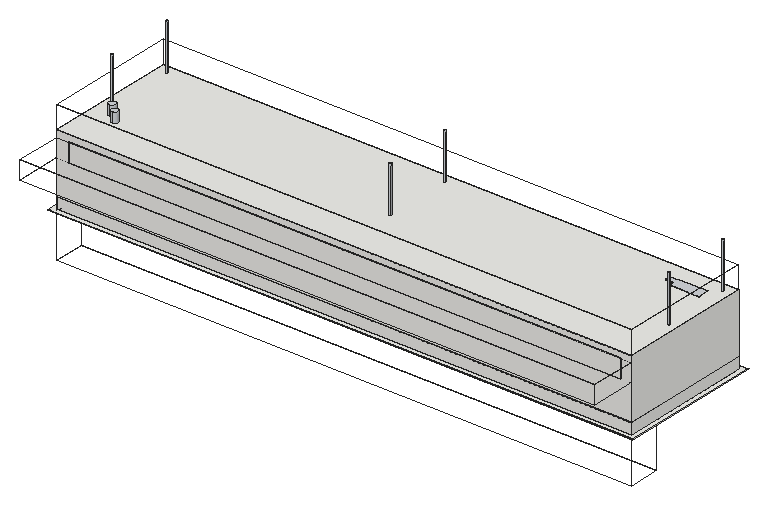
Revit family "AIRTECNICS_AIR CURTAIN_RECESSED DAM_DX-VRF_(LG)", category Equipos mecánicos, Revit 2016 (continued)
Types (21, lengths in mm): name | Weight | Product Size | Product Reference | Product Heating | Product Description | Power Fans | Noise Level (dB(A)) | Mainfolds | M | Length | Heating Capacity | Gas Coil Volume | G | External Ut. Reference | Expansion Valve | Dn_Metric_Refrig_Liquid | Dn_Metric_Refrig_Gas | DX VRF | DX Coil Rows = 4 | DX Coil Rows = 3 | DX Coil Rows | DX 1:1 | Current Fans | L | CT | CR | CM | CH | Apparent Load | Airflow
  RDAM ECG 1500 VRF15-LG | 80.00 kg | "1500" | "RDAM ECG 1500 VRF15-LG" | "Direct Expansion VRF system" | "Compact and low profile recessed air curtain with full grille view and energy savings heat pump: Up to 70% reduction in costs and CO2 emissions (heating mode).\r\nSelf-supporting casing construction made of galvanized steel plate, ready to be installed recessed in a false ceiling. \r\nInlet grille (free of maintenance) made with aluminium profiles and blow-out nozzle, integrated in a single white frame colour RAL 9016. Other colours are available on request. \r\nDouble-inlet centrifugal fans driven by an external rotor motor and low noise level. 5-speed selector. EC models assembled with very low consumption efficiency fans. \r\nIncludes only heating direct expansion coil with installed temperature sensors. Under request it can be modified to work in cooling and heating mode (not recomended) with optional condensate water pump.\r\nPlug&Play control panel CS-5DX-NE slave DX with 5 speeds selector and 7m telephone cable included.\r\nReady to connect to LG VRF outdoor heat pump unit (R410A) and PRLK048A0 expansion valve not included, the customer should purchase it.\r\nRequires PAHCMRA000 LG VRF Interface KIT adapted for air curtain and PREMTB001 programmable control, please consult.\r\nAir Volume: 2920 m3/h \r\nFans:  0,284 kW  2,48 A 230Vx1 50/60Hz\r\nHeating capacity: 15,32 kW\r\nDimensions: 627x310x1548 mm (depth, height, length)\r\nNOT SUPPLIED BY AIRTÈCNICS:\r\nPAHCMRA000 Interface VRF kit and PREMTB001 programmable control.\r\nExpansion valve PRLK048A0.\r\nExternal unit VRF." | 0.284 kW | 62 | "5/8 & 3/8" | no | 1548.0 | 15.32 kW | 3.00 L | yes | "Not available" | "PRLK048A0" | 10 | 16 | yes | yes | no | 4 | no | 2.48 A | 1500.0 | 4 | 2 | 12 | 4 | 568 VA | 2920 m³/h
  RDAM ECG 1500 DX15-LG | 80.00 kg | "1500" | "RDAM ECG 1500 DX15-LG" | "Direct Expansion 1:1 system" | "Compact and low profile recessed air curtain with full grille view and energy savings heat pump: Up to 70% reduction in costs and CO2 emissions (heating mode).\r\nSelf-supporting casing construction made of galvanized steel plate, ready to be installed recessed in a false ceiling. \r\nInlet grille (free of maintenance) made with aluminium profiles and blow-out nozzle, integrated in a single white frame colour RAL 9016. Other colours are available on request. \r\nDouble-inlet centrifugal fans driven by an external rotor motor and low noise level. 5-speed selector. EC models assembled with very low consumption efficiency fans. \r\nIncludes only heating direct expansion coil with installed temperature sensors. Under request it can be modified to work in cooling and heating mode (not recomended) with optional condensate water pump.\r\nPlug&Play control panel CS-5DX-NE slave DX with 5 speeds selector and 7m telephone cable included.\r\nReady to connect to LG Inverter outdoor heat pump unit (R410A) with expansion valve, not included, the customer should purchase it.\r\nRequires PAHCMRA000 LG DX Interface KIT adapted for air curtain and PREMTB001 programmable control, please consult.\r\nAir Volume: 2920 m3/h \r\nFans:  0,284 kW  2,48 A 230Vx1 50/60Hz\r\nHeating capacity: 15,32 kW\r\nDimensions: 627x310x1548 mm (depth, height, length)\r\nNOT SUPPLIED BY AIRTÈCNICS:\r\nPAHCMRA000 Interface DX kit and PREMTB001 programmable control.\r\nExternal unit:\r\nOption 1: UU48W U32\r\nExternal unit with direct expansion valve LG, single phase motor 230Vx1 50Hz.\r\nHeating capacity 15,4kW. Heating power: 4,39kW. COP 3,5.\r\nCooling capacity 14kW. Cooling power 4,1kW. EER 3,41.\r\nCooling circuits 5/8\" - 3/8\".\r\nMinimum length 5m.\r\nMaximum length 75m.\r\nMaximum slope 30m.\r\nOption 2: UU49W U32\r\nExternal unit with direct expansion valve LG, triple phase motor 400Vx3 50Hz.\r\nHeating capacity 15,4kW. Heating power: 4,39kW. COP 3,5.\r\nCooling capacity 14kW. Cooling power 4,1kW. EER 3,41.\r\nCooling circuits 5/8\" - 3/8\".\r\nMinimum length 5m.\r\nMaximum length 75m.\r\nMaximum slope 30m." | 0.284 kW | 62 | "5/8 & 3/8" | no | 1548.0 | 15.32 kW | 3.00 L | yes | "UU49W U32" | "Included on External Unit" | 10 | 16 | no | yes | no | 4 | yes | 2.48 A | 1500.0 | 4 | 2 | 12 | 2 | 568 VA | 2920 m³/h
  RDAM ECG 1000 VRF10-LG | 55.00 kg | "1000" | "RDAM ECG 1000 VRF10-LG" | "Direct Expansion VRF system" | "Compact and low profile recessed air curtain with full grille view and energy savings heat pump: Up to 70% reduction in costs and CO2 emissions (heating mode).\r\nSelf-supporting casing construction made of galvanized steel plate, ready to be installed recessed in a false ceiling. \r\nInlet grille (free of maintenance) made with aluminium profiles and blow-out nozzle, integrated in a single white frame colour RAL 9016. Other colours are available on request. \r\nDouble-inlet centrifugal fans driven by an external rotor motor and low noise level. 5-speed selector. EC models assembled with very low consumption efficiency fans. \r\nIncludes only heating direct expansion coil with installed temperature sensors. Under request it can be modified to work in cooling and heating mode (not recomended) with optional condensate water pump.\r\nPlug&Play control panel CS-5DX-NE slave DX with 5 speeds selector and 7m telephone cable included.\r\nReady to connect to LG VRF outdoor heat pump unit (R410A) and PRLK048A0 expansion valve not included, the customer should purchase it.\r\nRequires PAHCMRA000 LG VRF Interface KIT adapted for air curtain and PREMTB001 programmable control, please consult.\r\nAir Volume: 2190 m3/h \r\nFans:  0,213 kW  1,86 A 230Vx1 50/60Hz\r\nHeating capacity: 9,70 kW\r\nDimensions: 627x310x1048 mm (depth, height, length)\r\nNOT SUPPLIED BY AIRTÈCNICS:\r\nPAHCMRA000 Interface VRF kit and PREMTB001 programmable control.\r\nExpansion valve PRLK048A0.\r\nExternal unit VRF." | 0.213 kW | 61 | "5/8 & 3/8" | no | 1048.0 | 9.7 kW | 1.80 L | yes | "Not available" | "PRLK048A0" | 10 | 16 | yes | yes | no | 4 | no | 1.86 A | 1000.0 | 2 | 2 | 12 | 4 | 426 VA | 2190 m³/h
  RDAM ECG 1000 DX9-LG | 55.00 kg | "1000" | "RDAM ECG 1000 DX9-LG" | "Direct Expansion 1:1 system" | "Compact and low profile recessed air curtain with full grille view and energy savings heat pump: Up to 70% reduction in costs and CO2 emissions (heating mode).\r\nSelf-supporting casing construction made of galvanized steel plate, ready to be installed recessed in a false ceiling. \r\nInlet grille (free of maintenance) made with aluminium profiles and blow-out nozzle, integrated in a single white frame colour RAL 9016. Other colours are available on request. \r\nDouble-inlet centrifugal fans driven by an external rotor motor and low noise level. 5-speed selector. EC models assembled with very low consumption efficiency fans. \r\nIncludes only heating direct expansion coil with installed temperature sensors. Under request it can be modified to work in cooling and heating mode (not recomended) with optional condensate water pump.\r\nPlug&Play control panel CS-5DX-NE slave DX with 5 speeds selector and 7m telephone cable included.\r\nReady to connect to LG Inverter outdoor heat pump unit (R410A) with expansion valve, not included, the customer should purchase it.\r\nRequires PAHCMRA000 LG DX Interface KIT adapted for air curtain and PREMTB001 programmable control, please consult.\r\nAir Volume: 2190 m3/h \r\nFans:  0,213 kW  1,86 A 230Vx1 50/60Hz\r\nHeating capacity: 9,00 kW\r\nDimensions: 627x310x1048 mm (depth, height, length)\r\nNOT SUPPLIED BY AIRTÈCNICS:\r\nPAHCMRA000 Interface DX kit and PREMTB001 programmable control.\r\nExternal unit:\r\n UU30W U44\r\nExternal unit with direct expansion valve LG, single phase motor 230Vx1 50Hz.\r\nHeating capacity 9kW. Heating power: 2,62kW. SCOP 4.\r\nCooling capacity 7,8kW. Cooling power 2,41kW. SEER 6,1.\r\nCooling circuits 5/8\" - 3/8\".\r\nMinimum length 5m.\r\nMaximum length 50m.\r\nMaximum slope 30m." | 0.213 kW | 61 | "5/8 & 3/8" | no | 1048.0 | 9 kW | 1.80 L | yes | "Only Single Phase" | "Included on External Unit" | 10 | 16 | no | yes | no | 4 | yes | 1.86 A | 1000.0 | 2 | 2 | 12 | 2 | 426 VA | 2190 m³/h
  RDAM ECM 2500 VRF24-LG | 106.00 kg | "2500" | "RDAM ECM 2500 VRF24-LG" | "Direct Expansion VRF system" | "Compact and low profile recessed air curtain with full grille view and energy savings heat pump: Up to 70% reduction in costs and CO2 emissions (heating mode).\r\nSelf-supporting casing construction made of galvanized steel plate, ready to be installed recessed in a false ceiling. \r\nInlet grille (free of maintenance) made with aluminium profiles and blow-out nozzle, integrated in a single white frame colour RAL 9016. Other colours are available on request. \r\nDouble-inlet centrifugal fans driven by an external rotor motor and low noise level. 5-speed selector. EC models assembled with very low consumption efficiency fans. \r\nIncludes only heating direct expansion coil with installed temperature sensors. Under request it can be modified to work in cooling and heating mode (not recomended) with optional condensate water pump.\r\nPlug&Play control panel CS-5DX-NE slave DX with 5 speeds selector and 7m telephone cable included.\r\nReady to connect to LG VRF outdoor heat pump unit (R410A) and PRLK048A0 expansion valve not included, the customer should purchase it.\r\nRequires PAHCMRA000 LG VRF Interface KIT adapted for air curtain and PREMTB001 programmable control, please consult.\r\nAir Volume: 4100 m3/h \r\nFans:  0,355 kW  3,1 A 230Vx1 50/60Hz\r\nHeating capacity: 24,38 kW\r\nDimensions: 627x310x2548 mm (depth, height, length)\r\nNOT SUPPLIED BY AIRTÈCNICS:\r\nPAHCMRA000 Interface VRF kit and PREMTB001 programmable control.\r\nExpansion valve PRLK048A0.\r\nExternal unit VRF." | 0.355 kW | 59 | "7/8 & 1/2" | yes | 2548.0 | 24.38 kW | 5.30 L | no | "Not available" | "PRLK048A0" | 15 | 20 | yes | yes | no | 4 | no | 3.1 A | 2500.0 | 16 | 2 | 6 | 4 | 710 VA | 4100 m³/h
  RDAM ECM 2500 VRF21-LG | 106.00 kg | "2500" | "RDAM ECM 2500 VRF21-LG" | "Direct Expansion VRF system" | "Compact and low profile recessed air curtain with full grille view and energy savings heat pump: Up to 70% reduction in costs and CO2 emissions (heating mode).\r\nSelf-supporting casing construction made of galvanized steel plate, ready to be installed recessed in a false ceiling. \r\nInlet grille (free of maintenance) made with aluminium profiles and blow-out nozzle, integrated in a single white frame colour RAL 9016. Other colours are available on request. \r\nDouble-inlet centrifugal fans driven by an external rotor motor and low noise level. 5-speed selector. EC models assembled with very low consumption efficiency fans. \r\nIncludes only heating direct expansion coil with installed temperature sensors. Under request it can be modified to work in cooling and heating mode (not recomended) with optional condensate water pump.\r\nPlug&Play control panel CS-5DX-NE slave DX with 5 speeds selector and 7m telephone cable included.\r\nReady to connect to LG VRF outdoor heat pump unit (R410A) and PRLK048A0 expansion valve not included, the customer should purchase it.\r\nRequires PAHCMRA000 LG VRF Interface KIT adapted for air curtain and PREMTB001 programmable control, please consult.\r\nAir Volume: 4100 m3/h \r\nFans:  0,355 kW  3,1 A 230Vx1 50/60Hz\r\nHeating capacity: 21,20 kW\r\nDimensions: 627x310x2548 mm (depth, height, length)\r\nNOT SUPPLIED BY AIRTÈCNICS:\r\nPAHCMRA000 Interface VRF kit and PREMTB001 programmable control.\r\nExpansion valve PRLK048A0.\r\nExternal unit VRF." | 0.355 kW | 59 | "1\" & 3/8" | yes | 2548.0 | 21.2 kW | 3.90 L | no | "Not available" | "PRLK048A0" | 10 | 25 | yes | no | yes | 3 | no | 3.1 A | 2500.0 | 16 | 4 | 6 | 4 | 710 VA | 4100 m³/h
  RDAM ECM 2500 DX22-LG | 106.00 kg | "2500" | "RDAM ECM 2500 DX22-LG" | "Direct Expansion 1:1 system" | "Compact and low profile recessed air curtain with full grille view and energy savings heat pump: Up to 70% reduction in costs and CO2 emissions (heating mode).\r\nSelf-supporting casing construction made of galvanized steel plate, ready to be installed recessed in a false ceiling. \r\nInlet grille (free of maintenance) made with aluminium profiles and blow-out nozzle, integrated in a single white frame colour RAL 9016. Other colours are available on request. \r\nDouble-inlet centrifugal fans driven by an external rotor motor and low noise level. 5-speed selector. EC models assembled with very low consumption efficiency fans. \r\nIncludes only heating direct expansion coil with installed temperature sensors. Under request it can be modified to work in cooling and heating mode (not recomended) with optional condensate water pump.\r\nPlug&Play control panel CS-5DX-NE slave DX with 5 speeds selector and 7m telephone cable included.\r\nReady to connect to LG Inverter outdoor heat pump unit (R410A) with expansion valve, not included, the customer should purchase it.\r\nRequires PAHCMRA000 LG DX Interface KIT adapted for air curtain and PREMTB001 programmable control, please consult.\r\nAir Volume: 4100 m3/h \r\nFans:  0,355 kW  3,1 A 230Vx1 50/60Hz\r\nHeating capacity: 22,40 kW\r\nDimensions: 627x310x2548 mm (depth, height, length)\r\nNOT SUPPLIED BY AIRTÈCNICS:\r\nPAHCMRA000 Interface DX kit and PREMTB001 programmable control.\r\nExternal unit:\r\n UU70W U34External unit with direct expansion valve LG, triple phase motor 400Vx3 50Hz.\r\nHeating capacity 22,4kW. Heating power: 6,4kW. COP 3,5.\r\nCooling capacity 19kW. Cooling power 6,69kW. EER 2,84.\r\nCooling circuits 1\" - 3/8\".\r\nMinimum length 5m.\r\nMaximum length 75m.\r\nMaximum slope 30m." | 0.355 kW | 59 | "1\" & 3/8" | yes | 2548.0 | 22.4 kW | 5.30 L | no | "UU70W U34" | "Included on External Unit" | 10 | 25 | no | yes | no | 4 | yes | 3.1 A | 2500.0 | 16 | 2 | 6 | 2 | 710 VA | 4100 m³/h
  RDAM ECM 2000 VRF19-LG | 95.00 kg | "2000" | "RDAM ECM 2000 VRF19-LG" | "Direct Expansion VRF system" | "Compact and low profile recessed air curtain with full grille view and energy savings heat pump: Up to 70% reduction in costs and CO2 emissions (heating mode).\r\nSelf-supporting casing construction made of galvanized steel plate, ready to be installed recessed in a false ceiling. \r\nInlet grille (free of maintenance) made with aluminium profiles and blow-out nozzle, integrated in a single white frame colour RAL 9016. Other colours are available on request. \r\nDouble-inlet centrifugal fans driven by an external rotor motor and low noise level. 5-speed selector. EC models assembled with very low consumption efficiency fans. \r\nIncludes only heating direct expansion coil with installed temperature sensors. Under request it can be modified to work in cooling and heating mode (not recomended) with optional condensate water pump.\r\nPlug&Play control panel CS-5DX-NE slave DX with 5 speeds selector and 7m telephone cable included.\r\nReady to connect to LG VRF outdoor heat pump unit (R410A) and PRLK048A0 expansion valve not included, the customer should purchase it.\r\nRequires PAHCMRA000 LG VRF Interface KIT adapted for air curtain and PREMTB001 programmable control, please consult.\r\nAir Volume: 3280 m3/h \r\nFans:  0,284 kW  2,48 A 230Vx1 50/60Hz\r\nHeating capacity: 18,86 kW\r\nDimensions: 627x310x2048 mm (depth, height, length)\r\nNOT SUPPLIED BY AIRTÈCNICS:\r\nPAHCMRA000 Interface VRF kit and PREMTB001 programmable control.\r\nExpansion valve PRLK048A0.\r\nExternal unit VRF." | 0.284 kW | 58 | "1\" & 3/8" | yes | 2048.0 | 18.86 kW | 4.10 L | no | "Not available" | "PRLK048A0" | 10 | 25 | yes | yes | no | 4 | no | 2.48 A | 2000.0 | 8 | 2 | 6 | 4 | 568 VA | 3280 m³/h
  RDAM ECM 2000 VRF16-LG | 95.00 kg | "2000" | "RDAM ECM 2000 VRF16-LG" | "Direct Expansion VRF system" | "Compact and low profile recessed air curtain with full grille view and energy savings heat pump: Up to 70% reduction in costs and CO2 emissions (heating mode).\r\nSelf-supporting casing construction made of galvanized steel plate, ready to be installed recessed in a false ceiling. \r\nInlet grille (free of maintenance) made with aluminium profiles and blow-out nozzle, integrated in a single white frame colour RAL 9016. Other colours are available on request. \r\nDouble-inlet centrifugal fans driven by an external rotor motor and low noise level. 5-speed selector. EC models assembled with very low consumption efficiency fans. \r\nIncludes only heating direct expansion coil with installed temperature sensors. Under request it can be modified to work in cooling and heating mode (not recomended) with optional condensate water pump.\r\nPlug&Play control panel CS-5DX-NE slave DX with 5 speeds selector and 7m telephone cable included.\r\nReady to connect to LG VRF outdoor heat pump unit (R410A) and PRLK048A0 expansion valve not included, the customer should purchase it.\r\nRequires PAHCMRA000 LG VRF Interface KIT adapted for air curtain and PREMTB001 programmable control, please consult.\r\nAir Volume: 3280 m3/h \r\nFans:  0,284 kW  2,48 A 230Vx1 50/60Hz\r\nHeating capacity: 16,44 kW\r\nDimensions: 627x310x2048 mm (depth, height, length)\r\nNOT SUPPLIED BY AIRTÈCNICS:\r\nPAHCMRA000 Interface VRF kit and PREMTB001 programmable control.\r\nExpansion valve PRLK048A0.\r\nExternal unit VRF." | 0.284 kW | 58 | "5/8 & 3/8" | yes | 2048.0 | 16.44 kW | 3.10 L | no | "Not available" | "PRLK048A0" | 10 | 16 | yes | no | yes | 3 | no | 2.48 A | 2000.0 | 8 | 4 | 6 | 4 | 568 VA | 3280 m³/h
  RDAM ECM 2000 DX17-LG | 95.00 kg | "2000" | "RDAM ECM 2000 DX17-LG" | "Direct Expansion 1:1 system" | "Compact and low profile recessed air curtain with full grille view and energy savings heat pump: Up to 70% reduction in costs and CO2 emissions (heating mode).\r\nSelf-supporting casing construction made of galvanized steel plate, ready to be installed recessed in a false ceiling. \r\nInlet grille (free of maintenance) made with aluminium profiles and blow-out nozzle, integrated in a single white frame colour RAL 9016. Other colours are available on request. \r\nDouble-inlet centrifugal fans driven by an external rotor motor and low noise level. 5-speed selector. EC models assembled with very low consumption efficiency fans. \r\nIncludes only heating direct expansion coil with installed temperature sensors. Under request it can be modified to work in cooling and heating mode (not recomended) with optional condensate water pump.\r\nPlug&Play control panel CS-5DX-NE slave DX with 5 speeds selector and 7m telephone cable included.\r\nReady to connect to LG Inverter outdoor heat pump unit (R410A) with expansion valve, not included, the customer should purchase it.\r\nRequires PAHCMRA000 LG DX Interface KIT adapted for air curtain and PREMTB001 programmable control, please consult.\r\nAir Volume: 3280 m3/h \r\nFans:  0,284 kW  2,48 A 230Vx1 50/60Hz\r\nHeating capacity: 17,00 kW\r\nDimensions: 627x310x2048 mm (depth, height, length)\r\nNOT SUPPLIED BY AIRTÈCNICS:\r\nPAHCMRA000 Interface DX kit and PREMTB001 programmable control.\r\nExternal unit:\r\nOption 1: UU60W U32\r\nExternal unit with direct expansion valve LG, single phase motor 230Vx1 50Hz.\r\nHeating capacity 16,8kW. Heating power: 4,79kW. COP 3,51.\r\nCooling capacity 14,8kW. Cooling power 5,53kW. EER 3,31.\r\nCooling circuits 5/8\" - 3/8\".\r\nMinimum length 5m.\r\nMaximum length 75m.\r\nMaximum slope 30m.\r\nOption 2: UU61W U32\r\nExternal unit with direct expansion valve LG, triple phase motor 400Vx3 50Hz.\r\nHeating capacity 16,8kW. Heating power: 4,79kW. COP 3,51.\r\nCooling capacity 14,8kW. Cooling power 5,53kW. EER 3,31.\r\nCooling circuits 5/8\" - 3/8\".\r\nMinimum length 5m.\r\nMaximum length 75m.\r\nMaximum slope 30m." | 0.284 kW | 58 | "5/8 & 3/8" | yes | 2048.0 | 17 kW | 4.10 L | no | "UU61W U32" | "Included on External Unit" | 10 | 16 | no | yes | no | 4 | yes | 2.48 A | 2000.0 | 8 | 2 | 6 | 2 | 568 VA | 3280 m³/h
  RDAM ECM 2000 DX15-LG | 95.00 kg | "2000" | "RDAM ECM 2000 DX15-LG" | "Direct Expansion 1:1 system" | "Compact and low profile recessed air curtain with full grille view and energy savings heat pump: Up to 70% reduction in costs and CO2 emissions (heating mode).\r\nSelf-supporting casing construction made of galvanized steel plate, ready to be installed recessed in a false ceiling. \r\nInlet grille (free of maintenance) made with aluminium profiles and blow-out nozzle, integrated in a single white frame colour RAL 9016. Other colours are available on request. \r\nDouble-inlet centrifugal fans driven by an external rotor motor and low noise level. 5-speed selector. EC models assembled with very low consumption efficiency fans. \r\nIncludes only heating direct expansion coil with installed temperature sensors. Under request it can be modified to work in cooling and heating mode (not recomended) with optional condensate water pump.\r\nPlug&Play control panel CS-5DX-NE slave DX with 5 speeds selector and 7m telephone cable included.\r\nReady to connect to LG Inverter outdoor heat pump unit (R410A) with expansion valve, not included, the customer should purchase it.\r\nRequires PAHCMRA000 LG DX Interface KIT adapted for air curtain and PREMTB001 programmable control, please consult.\r\nAir Volume: 3280 m3/h \r\nFans:  0,284 kW  2,48 A 230Vx1 50/60Hz\r\nHeating capacity: 15,4 kW\r\nDimensions: 627x310x2048 mm (depth, height, length)\r\nNOT SUPPLIED BY AIRTÈCNICS:\r\nPAHCMRA000 Interface DX kit and PREMTB001 programmable control.\r\nExternal unit:\r\nOption 1: UU48W U32\r\nExternal unit with direct expansion valve LG, single phase motor 230Vx1 50Hz.\r\nHeating capacity 15,4kW. Heating power: 4,39kW. COP 3,5.\r\nCooling capacity 14kW. Cooling power 4,1kW. EER 3,41.\r\nCooling circuits 5/8\" - 3/8\".\r\nMinimum length 5m.\r\nMaximum length 75m.\r\nMaximum slope 30m.\r\nOption 2: UU49W U32\r\nExternal unit with direct expansion valve LG, triple phase motor 400Vx3 50Hz.\r\nHeating capacity 15,4kW. Heating power: 4,39kW. COP 3,5.\r\nCooling capacity 14kW. Cooling power 4,1kW. EER 3,41.\r\nCooling circuits 5/8\" - 3/8\".\r\nMinimum length 5m.\r\nMaximum length 75m.\r\nMaximum slope 30m." | 0.284 kW | 58 | "5/8 & 3/8" | yes | 2048.0 | 15.4 kW | 3.10 L | no | "UU49W U32" | "Included on External Unit" | 10 | 16 | no | no | yes | 3 | yes | 2.48 A | 2000.0 | 8 | 4 | 6 | 2 | 568 VA | 3280 m³/h
  RDAM ECM 1500 VRF13-LG | 74.00 kg | "1500" | "RDAM ECM 1500 VRF13-LG" | "Direct Expansion VRF system" | "Compact and low profile recessed air curtain with full grille view and energy savings heat pump: Up to 70% reduction in costs and CO2 emissions (heating mode).\r\nSelf-supporting casing construction made of galvanized steel plate, ready to be installed recessed in a false ceiling. \r\nInlet grille (free of maintenance) made with aluminium profiles and blow-out nozzle, integrated in a single white frame colour RAL 9016. Other colours are available on request. \r\nDouble-inlet centrifugal fans driven by an external rotor motor and low noise level. 5-speed selector. EC models assembled with very low consumption efficiency fans. \r\nIncludes only heating direct expansion coil with installed temperature sensors. Under request it can be modified to work in cooling and heating mode (not recomended) with optional condensate water pump.\r\nPlug&Play control panel CS-5DX-NE slave DX with 5 speeds selector and 7m telephone cable included.\r\nReady to connect to LG VRF outdoor heat pump unit (R410A) and PRLK048A0 expansion valve not included, the customer should purchase it.\r\nRequires PAHCMRA000 LG VRF Interface KIT adapted for air curtain and PREMTB001 programmable control, please consult.\r\nAir Volume: 2460 m3/h \r\nFans:  0,213 kW  1,86 A 230Vx1 50/60Hz\r\nHeating capacity: 13,47 kW\r\nDimensions: 627x310x1548 mm (depth, height, length)\r\nNOT SUPPLIED BY AIRTÈCNICS:\r\nPAHCMRA000 Interface VRF kit and PREMTB001 programmable control.\r\nExpansion valve PRLK048A0.\r\nExternal unit VRF." | 0.213 kW | 57 | "5/8 & 3/8" | yes | 1548.0 | 13.47 kW | 3.00 L | no | "Not available" | "PRLK048A0" | 10 | 16 | yes | yes | no | 4 | no | 1.86 A | 1500.0 | 4 | 2 | 6 | 4 | 426 VA | 2460 m³/h
  RDAM ECM 1500 DX11-LG | 74.00 kg | "1500" | "RDAM ECM 1500 DX11-LG" | "Direct Expansion 1:1 system" | "Compact and low profile recessed air curtain with full grille view and energy savings heat pump: Up to 70% reduction in costs and CO2 emissions (heating mode).\r\nSelf-supporting casing construction made of galvanized steel plate, ready to be installed recessed in a false ceiling. \r\nInlet grille (free of maintenance) made with aluminium profiles and blow-out nozzle, integrated in a single white frame colour RAL 9016. Other colours are available on request. \r\nDouble-inlet centrifugal fans driven by an external rotor motor and low noise level. 5-speed selector. EC models assembled with very low consumption efficiency fans. \r\nIncludes only heating direct expansion coil with installed temperature sensors. Under request it can be modified to work in cooling and heating mode (not recomended) with optional condensate water pump.\r\nPlug&Play control panel CS-5DX-NE slave DX with 5 speeds selector and 7m telephone cable included.\r\nReady to connect to LG Inverter outdoor heat pump unit (R410A) with expansion valve, not included, the customer should purchase it.\r\nRequires PAHCMRA000 LG DX Interface KIT adapted for air curtain and PREMTB001 programmable control, please consult.\r\nAir Volume: 2460 m3/h \r\nFans:  0,213 kW  1,86 A 230Vx1 50/60Hz\r\nHeating capacity: 11,2 kW\r\nDimensions: 627x310x1548 mm (depth, height, length)\r\nNOT SUPPLIED BY AIRTÈCNICS:\r\nPAHCMRA000 Interface DX kit and PREMTB001 programmable control.\r\nExternal unit:\r\nOption 1: UU36W UO2\r\nExternal unit with direct expansion valve LG, single phase motor 230Vx1 50Hz.\r\nHeating capacity 11,2kW. Heating power: 3,19kW. SCOP 3,81.\r\nCooling capacity 10kW. Cooling power 3,12kW. SEER 5,11.\r\nCooling circuits 5/8\" - 3/8\".\r\nMinimum length 5m.\r\nMaximum length 50m.\r\nMaximum slope 30m.\r\nOption 2: UU37W UO2\r\nExternal unit with direct expansion valve LG, triple phase motor 400Vx3 50Hz.\r\nHeating capacity 11,2kW. Heating power: 3,19kW. SCOP 3,81.\r\nCooling capacity 10kW. Cooling power 3,12kW. SEER 5,11.\r\nCooling circuits 5/8\" - 3/8\".\r\nMinimum length 5m.\r\nMaximum length 50m.\r\nMaximum slope 30m." | 0.213 kW | 57 | "5/8 & 3/8" | yes | 1548.0 | 11.2 kW | 2.20 L | no | "UU37W UO2" | "Included on External Unit" | 10 | 16 | no | no | yes | 3 | yes | 1.86 A | 1500.0 | 4 | 4 | 6 | 2 | 426 VA | 2460 m³/h
  RDAM ECM 1000 VRF8-LG | 50.00 kg | "1000" | "RDAM ECM 1000 VRF8-LG" | "Direct Expansion VRF system" | "Compact and low profile recessed air curtain with full grille view and energy savings heat pump: Up to 70% reduction in costs and CO2 emissions (heating mode).\r\nSelf-supporting casing construction made of galvanized steel plate, ready to be installed recessed in a false ceiling. \r\nInlet grille (free of maintenance) made with aluminium profiles and blow-out nozzle, integrated in a single white frame colour RAL 9016. Other colours are available on request. \r\nDouble-inlet centrifugal fans driven by an external rotor motor and low noise level. 5-speed selector. EC models assembled with very low consumption efficiency fans. \r\nIncludes only heating direct expansion coil with installed temperature sensors. Under request it can be modified to work in cooling and heating mode (not recomended) with optional condensate water pump.\r\nPlug&Play control panel CS-5DX-NE slave DX with 5 speeds selector and 7m telephone cable included.\r\nReady to connect to LG VRF outdoor heat pump unit (R410A) and PRLK048A0 expansion valve not included, the customer should purchase it.\r\nRequires PAHCMRA000 LG VRF Interface KIT adapted for air curtain and PREMTB001 programmable control, please consult.\r\nAir Volume: 1640 m3/h \r\nFans:  0,142 kW  1,24 A 230Vx1 50/60Hz\r\nHeating capacity: 7,9 kW\r\nDimensions: 627x310x1048 mm (depth, height, length)\r\nNOT SUPPLIED BY AIRTÈCNICS:\r\nPAHCMRA000 Interface VRF kit and PREMTB001 programmable control.\r\nExpansion valve PRLK048A0.\r\nExternal unit VRF." | 0.142 kW | 56 | "5/8 & 3/8" | yes | 1048.0 | 7.9 kW | 1.80 L | no | "Not available" | "PRLK048A0" | 10 | 16 | yes | yes | no | 4 | no | 1.24 A | 1000.0 | 2 | 2 | 6 | 4 | 284 VA | 1640 m³/h
  RDAM ECM 1000 DX8-LG | 50.00 kg | "1000" | "RDAM ECM 1000 DX8-LG" | "Direct Expansion 1:1 system" | "Compact and low profile recessed air curtain with full grille view and energy savings heat pump: Up to 70% reduction in costs and CO2 emissions (heating mode).\r\nSelf-supporting casing construction made of galvanized steel plate, ready to be installed recessed in a false ceiling. \r\nInlet grille (free of maintenance) made with aluminium profiles and blow-out nozzle, integrated in a single white frame colour RAL 9016. Other colours are available on request. \r\nDouble-inlet centrifugal fans driven by an external rotor motor and low noise level. 5-speed selector. EC models assembled with very low consumption efficiency fans. \r\nIncludes only heating direct expansion coil with installed temperature sensors. Under request it can be modified to work in cooling and heating mode (not recomended) with optional condensate water pump.\r\nPlug&Play control panel CS-5DX-NE slave DX with 5 speeds selector and 7m telephone cable included.\r\nReady to connect to LG Inverter outdoor heat pump unit (R410A) with expansion valve, not included, the customer should purchase it.\r\nRequires PAHCMRA000 LG DX Interface KIT adapted for air curtain and PREMTB001 programmable control, please consult.\r\nAir Volume: 1640 m3/h \r\nFans:  0,142 kW  1,24 A 230Vx1 50/60Hz\r\nHeating capacity: 7,9 kW\r\nDimensions: 627x310x1048 mm (depth, height, length)\r\nNOT SUPPLIED BY AIRTÈCNICS:\r\nPAHCMRA000 Interface DX kit and PREMTB001 programmable control.\r\nExternal unit:\r\n UU30W U44\r\nExternal unit with direct expansion valve LG, single phase motor 230Vx1 50Hz.\r\nHeating capacity 9kW. Heating power: 2,62kW. SCOP 4.\r\nCooling capacity 7,8kW. Cooling power 2,41kW. SEER 6,1.\r\nCooling circuits 5/8\" - 3/8\".\r\nMinimum length 5m.\r\nMaximum length 50m.\r\nMaximum slope 30m." | 0.142 kW | 56 | "5/8 & 3/8" | yes | 1048.0 | 7.9 kW | 1.80 L | no | "Only Single Phase" | "Included on External Unit" | 10 | 16 | no | yes | no | 4 | yes | 1.24 A | 1000.0 | 2 | 2 | 6 | 2 | 284 VA | 1640 m³/h
